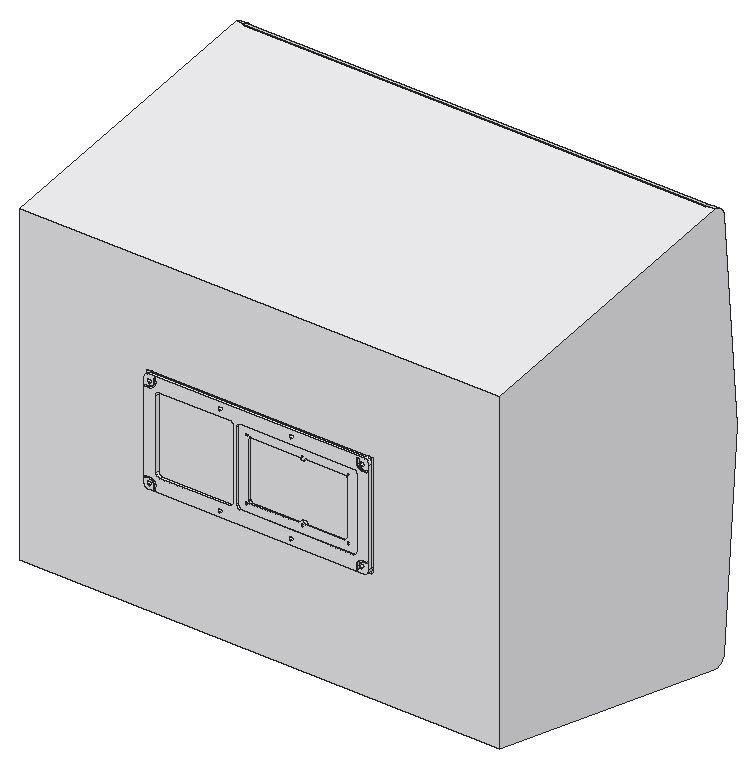
Revit family "EVA-2082S ", category Communication Devices, Revit 2017 (continued)
Definition of nested family "InputPanel"
  Lines and regions (mm)
    model lines
      curve 1131: line (40.819, -2.027, 60.771) -> (40.816, -2.027, 85.996)
      curve 1132: line (40.816, -2.027, 85.996) -> (35.689, -2.027, 85.996)
      curve 1133: line (35.689, -2.027, 85.996) -> (35.692, -2.027, 60.771)
      curve 1134: line (35.692, -2.027, 60.771) -> (40.819, -2.027, 60.771)
      curve 1135: line (40.819, -2.027, 60.771) -> (41.145, -2.027, 60.771)
      curve 1136: line (40.363, -2.027, 66.78) -> (40.363, -2.027, 61.268)
      curve 1137: line (40.363, -2.027, 61.268) -> (36.148, -2.027, 61.267)
      curve 1138: line (36.148, -2.027, 61.267) -> (36.147, -2.027, 66.779)
      curve 1139: line (36.147, -2.027, 66.779) -> (40.363, -2.027, 66.78)
      curve 1140: line (36.147, -2.027, 67.375) -> (36.147, -2.027, 72.887)
      curve 1141: line (36.147, -2.027, 72.887) -> (40.362, -2.027, 72.887)
      curve 1142: line (40.362, -2.027, 72.887) -> (40.363, -2.027, 67.375)
      curve 1143: line (40.363, -2.027, 67.375) -> (36.147, -2.027, 67.375)
      curve 1144: line (40.816, -2.027, 85.996) -> (41.141, -2.027, 85.996)
      curve 1145: line (41.141, -2.027, 85.996) -> (37.88, -2.027, 86.124)
      curve 1146: line (37.88, -2.027, 86.124) -> (37.758, -2.027, 86.301)
      curve 1147: line (37.758, -2.027, 86.301) -> (40.891, -2.027, 86.301)
      curve 1148: line (40.891, -2.027, 86.301) -> (41.013, -2.027, 86.124)
      curve 1149: line (40.361, -2.027, 78.225) -> (38.953, -2.027, 78.225)
      curve 1150: line (38.953, -2.027, 78.225) -> (38.627, -2.027, 78.913)
      curve 1151: line (38.627, -2.027, 78.913) -> (38.242, -2.027, 79.392)
      curve 1152: line (40.363, -2.027, 65.613) -> (38.954, -2.027, 65.612)
      curve 1153: line (38.954, -2.027, 65.612) -> (38.629, -2.027, 66.3)
      curve 1154: line (38.629, -2.027, 66.3) -> (38.244, -2.027, 66.779)
      curve 1155: line (40.362, -2.027, 68.542) -> (38.954, -2.027, 68.542)
      curve 1156: line (38.954, -2.027, 68.542) -> (38.629, -2.027, 67.854)
      curve 1157: line (38.629, -2.027, 67.854) -> (38.244, -2.027, 67.375)
      curve 1158: line (40.361, -2.027, 81.155) -> (38.952, -2.027, 81.155)
      curve 1159: line (38.952, -2.027, 81.155) -> (38.627, -2.027, 80.467)
      curve 1160: line (38.627, -2.027, 80.467) -> (38.242, -2.027, 79.988)
      curve 1161: line (40.362, -2.027, 71.919) -> (38.954, -2.027, 71.919)
      curve 1162: line (38.954, -2.027, 71.919) -> (38.628, -2.027, 72.607)
      curve 1163: line (38.628, -2.027, 72.607) -> (38.403, -2.027, 72.887)
      curve 1164: line (40.361, -2.027, 84.532) -> (38.952, -2.027, 84.531)
      curve 1165: line (38.952, -2.027, 84.531) -> (38.627, -2.027, 85.219)
      curve 1166: line (38.627, -2.027, 85.219) -> (38.401, -2.027, 85.5)
      curve 1167: line (40.362, -2.027, 74.849) -> (38.953, -2.027, 74.848)
      curve 1168: line (38.953, -2.027, 74.848) -> (38.628, -2.027, 74.16)
      curve 1169: line (38.403, -2.027, 73.88) -> (38.628, -2.027, 74.16)
      curve 1170: line (38.628, -2.027, 74.16) -> (38.627, -2.027, 78.913)
      curve 1171: line (40.363, -2.027, 62.236) -> (38.955, -2.027, 62.236)
      curve 1172: line (38.955, -2.027, 62.236) -> (38.629, -2.027, 61.548)
      curve 1173: line (38.629, -2.027, 61.548) -> (38.629, -2.027, 66.3)
      curve 1174: line (38.404, -2.027, 61.267) -> (38.629, -2.027, 61.548)
      curve 1175: line (38.954, -2.027, 68.542) -> (38.954, -2.027, 71.919)
      curve 1176: line (38.952, -2.027, 81.155) -> (38.952, -2.027, 84.531)
      curve 1177: line (38.954, -2.027, 65.612) -> (38.955, -2.027, 62.236)
      curve 1178: line (38.953, -2.027, 78.225) -> (38.953, -2.027, 74.848)
      curve 1179: line (40.891, -2.027, 86.301) -> (40.891, -2.027, 86.563)
      curve 1180: line (40.891, -2.027, 86.563) -> (37.758, -2.027, 86.562)
      curve 1181: line (37.758, -2.027, 86.562) -> (37.758, -2.027, 86.301)
      curve 1182: line (40.891, -2.027, 86.563) -> (41.472, -2.027, 86.563)
      curve 1183: line (41.472, -2.027, 86.563) -> (41.472, -2.027, 86.301)
      curve 1184: line (41.472, -2.027, 86.301) -> (41.35, -2.027, 86.124)
      curve 1185: line (37.244, -2.027, 79.988) -> (37.243, -2.027, 85.499)
      curve 1186: line (37.246, -2.027, 67.375) -> (37.245, -2.027, 72.887)
      curve 1187: line (37.246, -2.027, 61.267) -> (37.246, -2.027, 66.779)
      curve 1188: line (37.245, -2.027, 73.88) -> (37.244, -2.027, 79.392)
      curve 1189: line (38.629, -2.027, 67.854) -> (38.628, -2.027, 72.607)
      curve 1190: line (38.627, -2.027, 80.467) -> (38.627, -2.027, 85.219)
      curve 1191: line (47.887, -2.027, 86.302) -> (48.009, -2.027, 86.125)
      curve 1192: line (47.887, -2.027, 86.563) -> (47.887, -2.027, 86.302)
      curve 1193: line (47.887, -2.027, 86.302) -> (44.754, -2.027, 86.302)
      curve 1194: line (44.754, -2.027, 86.302) -> (44.754, -2.027, 86.563)
      curve 1195: line (44.754, -2.027, 86.563) -> (47.887, -2.027, 86.563)
      curve 1196: line (47.887, -2.027, 86.563) -> (48.468, -2.027, 86.563)
      curve 1197: line (48.468, -2.027, 86.563) -> (48.468, -2.027, 86.302)
      curve 1198: line (48.468, -2.027, 86.302) -> (48.346, -2.027, 86.125)
      curve 1199: line (73.97, -2.027, 60.972) -> (73.967, -2.027, 85.803)
      curve 1200: line (73.912, -2.027, 85.748) -> (73.915, -2.027, 61.027)
      curve 1201: line (72.958, -2.027, 86.812) -> (35.515, -2.027, 86.808)
      curve 1202: line (35.57, -2.027, 86.753) -> (72.903, -2.027, 86.757)
      curve 1203: line (34.506, -2.027, 85.799) -> (34.509, -2.027, 60.968)
      curve 1204: line (34.509, -2.027, 60.97) -> (34.561, -2.027, 85.744)
      curve 1205: line (35.518, -2.027, 59.959) -> (72.962, -2.027, 59.963)
      curve 1206: line (72.907, -2.027, 60.018) -> (35.573, -2.027, 60.014)
      curve 1207: line (56.368, -2.027, 70.233) -> (54.749, -2.027, 70.232)
      curve 1208: line (54.749, -2.027, 70.232) -> (54.415, -2.027, 70.232)
      curve 1209: line (56.369, -2.027, 63.926) -> (54.75, -2.027, 63.926)
      curve 1210: line (54.75, -2.027, 63.926) -> (54.417, -2.027, 63.926)
      curve 1211: line (56.367, -2.027, 76.539) -> (54.748, -2.027, 76.539)
      curve 1212: line (54.748, -2.027, 76.539) -> (54.415, -2.027, 76.539)
      curve 1213: line (56.367, -2.027, 82.845) -> (54.747, -2.027, 82.845)
      curve 1214: line (54.747, -2.027, 82.845) -> (54.414, -2.027, 82.845)
      curve 1215: line (52.109, -2.027, 76.538) -> (53.728, -2.027, 76.539)
      curve 1216: line (53.728, -2.027, 76.539) -> (54.062, -2.027, 76.539)
      curve 1217: line (52.108, -2.027, 82.845) -> (53.727, -2.027, 82.845)
      curve 1218: line (53.727, -2.027, 82.845) -> (54.06, -2.027, 82.845)
      curve 1219: line (52.109, -2.027, 70.232) -> (53.729, -2.027, 70.232)
      curve 1220: line (53.729, -2.027, 70.232) -> (54.062, -2.027, 70.232)
      curve 1221: line (52.11, -2.027, 63.926) -> (53.729, -2.027, 63.926)
      curve 1222: line (53.729, -2.027, 63.926) -> (54.063, -2.027, 63.926)
Definition of nested family "EVA-2082S_Enclosure"
  Parameters (values of type "EVA-2082S_Enclosure")
    LoudspeakerMaterial [instance] = none
  Reference planes
    plane 1 "Center (Front/Back)": y = 0
    plane 2: z = 0
    plane 3 "Center (Left/Right)": x = 0
  Forms (mm)
    Sweep 1, solid, material <- "LoudspeakerMaterial"
      path origin (-0.392, 17.593, -44.991) x (-1, 0, 0) y (0, -1, 0)
        loop
          line (-298.842, 0) -> (298.058, 0)
      profile origin (0, 17.593, -44.991) x (0, -1, 0) y (0, 0, 1)
        loop
          line (184.57, 104.052) -> (184.57, 495.919) -> (-152.258, 557.221)
          arc (-152.258, 557.221) -> (-160.419, 553.626) -> (-164.24, 545.568) r 12.776
          arc (-164.24, 545.568) -> (-184.57, 300.968) -> (-164.223, 56.37) r 1480.994
          arc (-164.223, 56.37) -> (-159.214, 47.517) -> (-149.316, 45.179) r 12.701
          line (-149.316, 45.179) -> (184.57, 104.052)
    Sweep 2, void
      path in 3D
        loop
          line (-290.482, 165.523, 279.574) -> (289.518, 165.523, 279.574)
      profile origin (-0.482, 165.523, 279.574) x (0, 1, 0) y (0, 0, 1)
        loop
          arc (19.059, 220.03) -> (14.717, 230.2) -> (4.328, 233.989) r 13.91
          line (4.328, 233.989) -> (4.328, -281.358)
          arc (4.328, -281.358) -> (12.694, -279.082) -> (18.058, -272.271) r 13.818
          arc (18.058, -272.271) -> (40.167, -26.164) -> (19.059, 220.03) r 1412.811
  Cuts and joins
    Sweep 2 cuts Sweep 1
  Lines and regions (mm)
    model lines, not visible, detail levels fine
      curve 1: circle (0, 137.583, 416.506) r 5 normal (1, 0, 0)
      curve 2: circle (0, 137.583, 416.506) r 4 normal (1, 0, 0)
      curve 3: line (0, 138.506, 420.398) -> (0, 138.506, 412.614)
      curve 4: line (0, 139.353, 420.093) -> (0, 139.353, 412.919)
      curve 5: line (0, 135.46, 419.896) -> (0, 135.46, 413.117)
      curve 6: circle (0, 137.583, 300.506) r 5 normal (1, 0, 0)
      curve 7: circle (0, 137.583, 300.506) r 4 normal (1, 0, 0)
      curve 8: line (0, 138.506, 304.398) -> (0, 138.506, 296.614)
      curve 9: line (0, 139.353, 304.093) -> (0, 139.353, 296.919)
      curve 10: line (0, 135.46, 303.896) -> (0, 135.46, 297.117)
      curve 11: circle (0, 137.583, 184.506) r 5 normal (1, 0, 0)
      curve 12: circle (0, 137.583, 184.506) r 4 normal (1, 0, 0)
      curve 13: line (0, 138.506, 188.398) -> (0, 138.506, 180.614)
      curve 14: line (0, 139.353, 188.093) -> (0, 139.353, 180.919)
      curve 15: line (0, 135.46, 187.896) -> (0, 135.46, 181.117)
      curve 16: circle (0, -77.417, 300.506) r 5 normal (1, 0, 0)
      curve 17: circle (0, -77.417, 300.506) r 4 normal (1, 0, 0)
      curve 18: line (0, -76.494, 304.398) -> (0, -76.494, 296.614)
      curve 19: line (0, -75.647, 304.093) -> (0, -75.647, 296.919)
      curve 20: line (0, -79.54, 303.896) -> (0, -79.54, 297.117)
      curve 21: circle (0, -77.417, 142.305) r 5 normal (1, 0, 0)
      curve 22: circle (0, -77.417, 142.305) r 4 normal (1, 0, 0)
      curve 23: line (0, -76.494, 146.197) -> (0, -76.494, 138.413)
      curve 24: line (0, -75.647, 145.892) -> (0, -75.647, 138.718)
      curve 25: line (0, -79.54, 145.695) -> (0, -79.54, 138.915)
      curve 26: circle (0, -77.417, 458.708) r 5 normal (-1, 0, 0)
      curve 27: circle (0, -77.417, 458.708) r 4 normal (-1, 0, 0)
      curve 28: line (0, -76.494, 454.816) -> (0, -76.494, 462.6)
      curve 29: line (0, -75.647, 455.121) -> (0, -75.647, 462.295)
      curve 30: line (0, -79.54, 455.318) -> (0, -79.54, 462.098)
      curve 31: line (0, 184.583, 489.506) -> (0, -150.486, 548.588)
      curve 32: arc (0, -157.851, 56.619) -> (0, -178.233, 299.981) -> (0, -157.859, 543.345) r 1463.404
      curve 33: line (0, 184.583, 110.503) -> (0, -150.486, 51.421)
      curve 34: arc (0, -150.486, 548.588) -> (0, -155.259, 547.494) -> (0, -157.859, 543.345) r 6.396
      curve 35: arc (0, -150.486, 51.421) -> (0, -155.251, 52.486) -> (0, -157.851, 56.619) r 6.35
    model lines, detail levels fine
      curve 36: line (-298.445, -166.99, 444.515) -> (-298.445, 168.08, 503.597)
      curve 37: arc (-298.445, 175.444, 11.627) -> (-298.445, 195.826, 254.99) -> (-298.445, 175.452, 498.353) r 1463.404
      curve 38: line (-298.445, -166.99, 65.511) -> (-298.445, 168.08, 6.429)
      curve 39: arc (-298.445, 168.08, 503.597) -> (-298.445, 172.852, 502.502) -> (-298.445, 175.452, 498.353) r 6.396
      curve 40: arc (-298.445, 168.08, 6.429) -> (-298.445, 172.844, 7.495) -> (-298.445, 175.444, 11.627) r 6.35
      curve 42: circle (-298.445, -119.99, 371.515) r 5 normal (-1, 0, 0)
      curve 43: circle (-298.445, -119.99, 371.515) r 4 normal (-1, 0, 0)
      curve 44: line (-298.445, -120.913, 375.407) -> (-298.445, -120.913, 367.623)
      curve 45: line (-298.445, -121.76, 375.102) -> (-298.445, -121.76, 367.928)
      curve 46: line (-298.445, -117.866, 374.905) -> (-298.445, -117.866, 368.125)
      curve 47: circle (-298.445, -119.99, 255.515) r 5 normal (-1, 0, 0)
      curve 48: circle (-298.445, -119.99, 255.515) r 4 normal (-1, 0, 0)
      curve 49: line (-298.445, -120.913, 259.407) -> (-298.445, -120.913, 251.623)
      curve 50: line (-298.445, -121.76, 259.102) -> (-298.445, -121.76, 251.928)
      curve 51: line (-298.445, -117.866, 258.905) -> (-298.445, -117.866, 252.125)
      curve 52: circle (-298.445, -119.99, 139.515) r 5 normal (-1, 0, 0)
      curve 53: circle (-298.445, -119.99, 139.515) r 4 normal (-1, 0, 0)
      curve 54: line (-298.445, -120.913, 143.407) -> (-298.445, -120.913, 135.623)
      curve 55: line (-298.445, -121.76, 143.102) -> (-298.445, -121.76, 135.928)
      curve 56: line (-298.445, -117.866, 142.905) -> (-298.445, -117.866, 136.125)
      curve 57: circle (-298.445, 95.01, 255.515) r 5 normal (-1, 0, 0)
      curve 58: circle (-298.445, 95.01, 255.515) r 4 normal (-1, 0, 0)
      curve 59: line (-298.445, 94.087, 259.407) -> (-298.445, 94.087, 251.623)
      curve 60: line (-298.445, 93.24, 259.102) -> (-298.445, 93.24, 251.928)
      curve 61: line (-298.445, 97.134, 258.905) -> (-298.445, 97.134, 252.125)
      curve 62: circle (-298.445, 95.01, 97.313) r 5 normal (-1, 0, 0)
      curve 63: circle (-298.445, 95.01, 97.313) r 4 normal (-1, 0, 0)
      curve 64: line (-298.445, 94.087, 101.206) -> (-298.445, 94.087, 93.421)
      curve 65: line (-298.445, 93.24, 100.9) -> (-298.445, 93.24, 93.727)
      curve 66: line (-298.445, 97.134, 100.703) -> (-298.445, 97.134, 93.924)
      curve 67: circle (-298.445, 95.01, 413.717) r 5 normal (1, 0, 0)
      curve 68: circle (-298.445, 95.01, 413.717) r 4 normal (1, 0, 0)
      curve 69: line (-298.445, 94.087, 409.824) -> (-298.445, 94.087, 417.609)
      curve 70: line (-298.445, 93.24, 410.13) -> (-298.445, 93.24, 417.303)
      curve 71: line (-298.445, 97.134, 410.327) -> (-298.445, 97.134, 417.106)
      curve 72: line (298.445, -166.99, 444.515) -> (298.445, 168.08, 503.597)
      curve 73: arc (298.445, 175.444, 11.627) -> (298.445, 195.826, 254.99) -> (298.445, 175.452, 498.353) r 1463.404
      curve 74: line (298.445, -166.99, 65.511) -> (298.445, 168.08, 6.429)
      curve 75: arc (298.445, 168.08, 503.597) -> (298.445, 172.852, 502.502) -> (298.445, 175.452, 498.353) r 6.396
      curve 76: arc (298.445, 168.08, 6.429) -> (298.445, 172.844, 7.495) -> (298.445, 175.444, 11.627) r 6.35
      curve 77: circle (298.445, -119.99, 371.515) r 5 normal (-1, 0, 0)
      curve 78: circle (298.445, -119.99, 371.515) r 4 normal (-1, 0, 0)
      curve 79: line (298.445, -120.913, 375.407) -> (298.445, -120.913, 367.623)
      curve 80: line (298.445, -121.76, 375.102) -> (298.445, -121.76, 367.928)
      curve 81: line (298.445, -117.866, 374.905) -> (298.445, -117.866, 368.125)
      curve 82: circle (298.445, -119.99, 255.515) r 5 normal (-1, 0, 0)
      curve 83: circle (298.445, -119.99, 255.515) r 4 normal (-1, 0, 0)
      curve 84: line (298.445, -120.913, 259.407) -> (298.445, -120.913, 251.623)
      curve 85: line (298.445, -121.76, 259.102) -> (298.445, -121.76, 251.928)
      curve 86: line (298.445, -117.866, 258.905) -> (298.445, -117.866, 252.125)
      curve 87: circle (298.445, -119.99, 139.515) r 5 normal (-1, 0, 0)
      curve 88: circle (298.445, -119.99, 139.515) r 4 normal (-1, 0, 0)
      curve 89: line (298.445, -120.913, 143.407) -> (298.445, -120.913, 135.623)
      curve 90: line (298.445, -121.76, 143.102) -> (298.445, -121.76, 135.928)
      curve 91: line (298.445, -117.866, 142.905) -> (298.445, -117.866, 136.125)
      curve 92: circle (298.445, 95.01, 255.515) r 5 normal (-1, 0, 0)
      curve 93: circle (298.445, 95.01, 255.515) r 4 normal (-1, 0, 0)
      curve 94: line (298.445, 94.087, 259.407) -> (298.445, 94.087, 251.623)
      curve 95: line (298.445, 93.24, 259.102) -> (298.445, 93.24, 251.928)
      curve 96: line (298.445, 97.134, 258.905) -> (298.445, 97.134, 252.125)
      curve 97: circle (298.445, 95.01, 97.313) r 5 normal (-1, 0, 0)
      curve 98: circle (298.445, 95.01, 97.313) r 4 normal (-1, 0, 0)
      curve 99: line (298.445, 94.087, 101.206) -> (298.445, 94.087, 93.421)
      curve 100: line (298.445, 93.24, 100.9) -> (298.445, 93.24, 93.727)
      curve 101: line (298.445, 97.134, 100.703) -> (298.445, 97.134, 93.924)
      curve 102: circle (298.445, 95.01, 413.717) r 5 normal (1, 0, 0)
      curve 103: circle (298.445, 95.01, 413.717) r 4 normal (1, 0, 0)
      curve 104: line (298.445, 94.087, 409.824) -> (298.445, 94.087, 417.609)
      curve 105: line (298.445, 93.24, 410.13) -> (298.445, 93.24, 417.303)
      curve 106: line (298.445, 97.134, 410.327) -> (298.445, 97.134, 417.106)
    sketch lines
      curve 41: line (-290.482, 165.523, 279.574) -> (289.518, 165.523, 279.574)
    model lines
      curve 107: line (289.518, 202.162, 256.029) -> (298.445, 202.162, 256.029)
      curve 108: line (-298.45, 202.162, 255.853) -> (-289.523, 202.162, 255.853)
  Dimensions and locks
    aligned and locked: plane 2 to level
Definition of nested family "L-EV"
  Parameters (values of type "L-EV")
    Material = ""
    Default Elevation = 1219.20 mm
  Reference planes
    plane 1 "Center (Front/Back)": y = 0
    plane 2: z = 0
    plane 3 "Center (Left/Right)": x = 0
  Forms (mm)
    Extrusion 1, solid, not visible
      sketch origin (18.736, -0.5, -73.012) x (1, 0, 0) y (0, 0, 1)
        loop
          arc (-38.866, 94.012) -> (-39.481, 93.758) -> (-39.736, 93.143) r 0.869
          line (-39.736, 93.143) -> (-39.736, 52.882)
          arc (-39.736, 52.882) -> (-39.481, 52.267) -> (-38.866, 52.012) r 0.869
          line (-38.866, 52.012) -> (1.395, 52.012)
          arc (1.395, 52.012) -> (2.01, 52.267) -> (2.264, 52.882) r 0.869
          line (2.264, 52.882) -> (2.264, 93.143)
          arc (2.264, 93.143) -> (2.01, 93.758) -> (1.395, 94.012) r 0.869
          line (1.395, 94.012) -> (-38.866, 94.012)
      from 0 to -0.5
    Extrusion 2, solid, detail levels fine
      sketch origin (18.736, 4, -73.24) x (1, 0, 0) y (0, 0, 1)
        loop
          line (-37.736, 92.24) -> (-37.736, 54.24) -> (0.264, 54.24) -> (0.264, 92.24) -> (-37.736, 92.24)
        loop
          line (-33.659, 85.319) -> (-33.659, 66.596) -> (-21.783, 66.596) -> (-21.783, 70.665) -> (-29.2, 70.665) -> (-29.2, 73.924) -> (-21.783, 73.924) -> (-21.783, 77.992) -> (-29.2, 77.992) -> (-29.2, 81.251) -> (-21.783, 81.251) -> (-21.783, 85.319) -> (-33.659, 85.319)
        loop
          line (-20.026, 77.992) -> (-20.026, 73.924) -> (-17.153, 73.924) -> (-17.153, 59.688) -> (-12.74, 59.688) -> (-2.619, 82.277) -> (-7.421, 82.277) -> (-12.694, 70.408) -> (-12.694, 77.992) -> (-20.026, 77.992)
      from 4.5 to 5
    Extrusion 3, solid, detail levels medium+fine
      sketch origin (0, 0, 0) x (1, 0, 0) y (0, 0, 1)
        loop
          line (19.816, 21) -> (-19.816, 21)
          arc (-19.816, 21) -> (-20.653, 20.653) -> (-21, 19.816) r 1.184
          line (-21, 19.816) -> (-21, -19.816)
          arc (-21, -19.816) -> (-20.653, -20.653) -> (-19.816, -21) r 1.184
          line (-19.816, -21) -> (19.816, -21)
          arc (19.816, -21) -> (20.653, -20.653) -> (21, -19.816) r 1.184
          line (21, -19.816) -> (21, 19.816)
          arc (21, 19.816) -> (20.653, 20.653) -> (19.816, 21) r 1.184
      from -1 to 0.5
Types (25, lengths in mm): name | ProductInformation | PlanningTools | ModelNumber | MaterialRALColour | LoudspeakerMaterial | GrillMaterial | CTN | InstallationManual | Description | ArchitectsAndEngineersSpecs
  (no name) | "https://www.electrovoice.com/binary/EVA-2082S-920_Engineering_Data_Sheet.PDF" | "https://www.electrovoice.com/product.php?id=948#downloads" | "F.01U.272.492" | "RAL9010" | 13-plyWeather-resistantBirchEVCoat -RAL9010 | 16GA Powder-coatedGalvanneal - W | "EVA2082S920BLB" | "https://www.electrovoice.com/binary/EVA-2082S-920_Engineering_Data_Sheet.PDF" | "True Line Array Performance. 90° Horizontal Coverage Pattern. 20° Vertical Coverage Pattern. 104 dB Sensitivity.Hidden Suspension Hardware. Single Amplifier Channel Drive Configuration for Entire Array." | "https://www.electrovoice.com/binary/EVA-2082S-920_Engineering_Data_Sheet.PDF"
  EVA2082S1220BLB_120x20_Black_Line_Array_Module | "http://www.electrovoice.com/binary/EVA-2082S-1220_Engineering_Data_Sheet.PDF" | "https://www.electrovoice.com/product.php?id=946#downloads" | "F.01U.272.404" | "RAL9004" | 13-plyWeather-resistantBirchEVCoat -RAL9004 | 16GA Powder-coatedGalvanneal - B | "EVA2082S1220BLB" | "http://www.electrovoice.com/binary/EVA-2082S-1220_Engineering_Data_Sheet.PDF" | "True Line Array Performance. 120° Horizontal Coverage Pattern. 20° Vertical Coverage Pattern. 104 dB Sensitivity. Hidden Suspension Hardware. Single Amplifier Channel Drive Configuration for Entire Array." | "http://www.electrovoice.com/binary/EVA-2082S-1220_Engineering_Data_Sheet.PDF"
  EVA2082S1220FBL_120x20_Black_Fiberglass_Module | "http://www.electrovoice.com/binary/EVA-2082S-1220_Engineering_Data_Sheet.PDF" | "https://www.electrovoice.com/product.php?id=946#downloads" | "F.01U.272.907" | "RAL9004" | 13-plyWeather-resistantBirchEVCoat -RAL9004 | 16GA Powder-coatedGalvanneal - B | "EVA2082S1220FBL" | "http://www.electrovoice.com/binary/EVA-2082S-1220_Engineering_Data_Sheet.PDF" | "True Line Array Performance. 120° Horizontal Coverage Pattern. 20° Vertical Coverage Pattern. 104 dB Sensitivity. Hidden Suspension Hardware. Single Amplifier Channel Drive Configuration for Entire Array." | "http://www.electrovoice.com/binary/EVA-2082S-1220_Engineering_Data_Sheet.PDF"
  EVA2082S1220FWL_120x20_White_Fiberglass_Module | "http://www.electrovoice.com/binary/EVA-2082S-1220_Engineering_Data_Sheet.PDF" | "https://www.electrovoice.com/product.php?id=946#downloads" | "F.01U.272.908" | "RAL9010" | 13-plyWeather-resistantBirchEVCoat -RAL9010 | 16GA Powder-coatedGalvanneal - W | "EVA2082S1220FWL" | "http://www.electrovoice.com/binary/EVA-2082S-1220_Engineering_Data_Sheet.PDF" | "True Line Array Performance. 120° Horizontal Coverage Pattern. 20° Vertical Coverage Pattern. 104 dB Sensitivity. Hidden Suspension Hardware. Single Amplifier Channel Drive Configuration for Entire Array." | "http://www.electrovoice.com/binary/EVA-2082S-1220_Engineering_Data_Sheet.PDF"
  EVA2082S1220PBL_120x20_Black_Weatherizad_Module | "http://www.electrovoice.com/binary/EVA-2082S-1220_Engineering_Data_Sheet.PDF" | "https://www.electrovoice.com/product.php?id=946#downloads" | "F.01U.272.406" | "RAL9004" | 13-plyWeather-resistantBirchEVCoat -RAL9004 | 16GA Powder-coatedGalvanneal - B | "EVA2082S1220PBL" | "http://www.electrovoice.com/binary/EVA-2082S-1220_Engineering_Data_Sheet.PDF" | "True Line Array Performance. 120° Horizontal Coverage Pattern. 20° Vertical Coverage Pattern. 104 dB Sensitivity. Hidden Suspension Hardware. Single Amplifier Channel Drive Configuration for Entire Array." | "http://www.electrovoice.com/binary/EVA-2082S-1220_Engineering_Data_Sheet.PDF"
  EVA2082S1220PWL_120x20_White_Weatherizad_Module | "http://www.electrovoice.com/binary/EVA-2082S-1220_Engineering_Data_Sheet.PDF" | "https://www.electrovoice.com/product.php?id=946#downloads" | "F.01U.272.407" | "RAL9010" | 13-plyWeather-resistantBirchEVCoat -RAL9010 | 16GA Powder-coatedGalvanneal - W | "EVA2082S1220PWL" | "http://www.electrovoice.com/binary/EVA-2082S-1220_Engineering_Data_Sheet.PDF" | "True Line Array Performance. 120° Horizontal Coverage Pattern. 20° Vertical Coverage Pattern. 104 dB Sensitivity. Hidden Suspension Hardware. Single Amplifier Channel Drive Configuration for Entire Array." | "http://www.electrovoice.com/binary/EVA-2082S-1220_Engineering_Data_Sheet.PDF"
  EVA2082S1220WLB_120x20_White_Line_Array_Module | "http://www.electrovoice.com/binary/EVA-2082S-1220_Engineering_Data_Sheet.PDF" | "https://www.electrovoice.com/product.php?id=946#downloads" | "F.01U.272.405" | "RAL9010" | 13-plyWeather-resistantBirchEVCoat -RAL9010 | 16GA Powder-coatedGalvanneal - W | "EVA2082S1220WLB" | "http://www.electrovoice.com/binary/EVA-2082S-1220_Engineering_Data_Sheet.PDF" | "True Line Array Performance. 120° Horizontal Coverage Pattern. 20° Vertical Coverage Pattern. 104 dB Sensitivity. Hidden Suspension Hardware. Single Amplifier Channel Drive Configuration for Entire Array." | "http://www.electrovoice.com/binary/EVA-2082S-1220_Engineering_Data_Sheet.PDF"
  EVA2082S126BLB_120x6_Black_Line_Array_Module | "http://www.electrovoice.com/binary/EVA-2082S-1220_Engineering_Data_Sheet.PDF" | "https://www.electrovoice.com/product.php?id=946#downloads" | "F.01U.272.493" | "RAL9004" | 13-plyWeather-resistantBirchEVCoat -RAL9004 | 16GA Powder-coatedGalvanneal - B | "EVA2082S126BLB" | "http://www.electrovoice.com/binary/EVA-2082S-1220_Engineering_Data_Sheet.PDF" | "True Line Array Performance. 120° Horizontal Coverage Pattern. 20° Vertical Coverage Pattern. 104 dB Sensitivity. Hidden Suspension Hardware. Single Amplifier Channel Drive Configuration for Entire Array." | "http://www.electrovoice.com/binary/EVA-2082S-1220_Engineering_Data_Sheet.PDF"
  EVA2082S126FBL_120x6_Black_Fiberglass_Module | "http://www.electrovoice.com/binary/EVA-2082S-1220_Engineering_Data_Sheet.PDF" | "https://www.electrovoice.com/product.php?id=946#downloads" | "F.01U.272.905" | "RAL9004" | 13-plyWeather-resistantBirchEVCoat -RAL9004 | 16GA Powder-coatedGalvanneal - B | "EVA2082S126FBL" | "http://www.electrovoice.com/binary/EVA-2082S-1220_Engineering_Data_Sheet.PDF" | "True Line Array Performance. 120° Horizontal Coverage Pattern. 6° Vertical Coverage Pattern. 104 dB Sensitivity.  Hidden Suspension Hardware. Single Amplifier Channel Drive Configuration for Entire Array." | "http://www.electrovoice.com/binary/EVA-2082S-1220_Engineering_Data_Sheet.PDF"
  EVA2082S126FWL_120x6_White_Fiberglass_Module | "https://www.electrovoice.com/binary/EVA-2082S-126_Engineering_Data_Sheet.PDF" | "https://www.electrovoice.com/product.php?id=945#downloads" | "F.01U.272.906" | "RAL9010" | 13-plyWeather-resistantBirchEVCoat -RAL9010 | 16GA Powder-coatedGalvanneal - W | "EVA2082S126FWL" | "https://www.electrovoice.com/binary/EVA-2082S-126_Engineering_Data_Sheet.PDF" | "True Line Array Performance. 120° Horizontal Coverage Pattern. 6° Vertical Coverage Pattern. 104 dB Sensitivity.  Hidden Suspension Hardware. Single Amplifier Channel Drive Configuration for Entire Array." | "https://www.electrovoice.com/binary/EVA-2082S-126_Engineering_Data_Sheet.PDF"
  EVA2082S126PBLB_120x6_Black_Weatherizad_Module | "https://www.electrovoice.com/binary/EVA-2082S-126_Engineering_Data_Sheet.PDF" | "https://www.electrovoice.com/product.php?id=945#downloads" | "F.01U.272.402" | "RAL9004" | 13-plyWeather-resistantBirchEVCoat -RAL9004 | 16GA Powder-coatedGalvanneal - B | "EVA2082S126PBLB" | "https://www.electrovoice.com/binary/EVA-2082S-126_Engineering_Data_Sheet.PDF" | "True Line Array Performance. 120° Horizontal Coverage Pattern. 6° Vertical Coverage Pattern. 104 dB Sensitivity.  Hidden Suspension Hardware. Single Amplifier Channel Drive Configuration for Entire Array." | "https://www.electrovoice.com/binary/EVA-2082S-126_Engineering_Data_Sheet.PDF"
  EVA2082S126PWLB_120x6_White_Weatherizad_Module | "https://www.electrovoice.com/binary/EVA-2082S-126_Engineering_Data_Sheet.PDF" | "https://www.electrovoice.com/product.php?id=945#downloads" | "F.01U.272.403" | "RAL9010" | 13-plyWeather-resistantBirchEVCoat -RAL9010 | 16GA Powder-coatedGalvanneal - W | "EVA2082S126PWLB" | "https://www.electrovoice.com/binary/EVA-2082S-126_Engineering_Data_Sheet.PDF" | "True Line Array Performance. 120° Horizontal Coverage Pattern. 6° Vertical Coverage Pattern. 104 dB Sensitivity.  Hidden Suspension Hardware. Single Amplifier Channel Drive Configuration for Entire Array." | "https://www.electrovoice.com/binary/EVA-2082S-126_Engineering_Data_Sheet.PDF"
  EVA2082S126WLB_120x6_White_Line_Array_Module | "https://www.electrovoice.com/binary/EVA-2082S-126_Engineering_Data_Sheet.PDF" | "https://www.electrovoice.com/product.php?id=945#downloads" | "F.01U.272.401" | "RAL9010" | 13-plyWeather-resistantBirchEVCoat -RAL9010 | 16GA Powder-coatedGalvanneal - W | "EVA2082S126WLB" | "https://www.electrovoice.com/binary/EVA-2082S-126_Engineering_Data_Sheet.PDF" | "True Line Array Performance. 120° Horizontal Coverage Pattern. 6° Vertical Coverage Pattern. 104 dB Sensitivity.  Hidden Suspension Hardware. Single Amplifier Channel Drive Configuration for Entire Array." | "https://www.electrovoice.com/binary/EVA-2082S-126_Engineering_Data_Sheet.PDF"
  EVA2082S906BLB_90x6_Black_Line_Array_Module | "https://www.electrovoice.com/binary/EVA-2082S-906_Engineering_Data_Sheet.PDF" | "https://www.electrovoice.com/product.php?id=947#downloads" | "F.01U.272.485" | "RAL9004" | 13-plyWeather-resistantBirchEVCoat -RAL9004 | 16GA Powder-coatedGalvanneal - B | "EVA2082S906BLB" | "https://www.electrovoice.com/binary/EVA-2082S-906_Engineering_Data_Sheet.PDF" | "True Line Array Performance. 90° Horizontal Coverage Pattern. 6° Vertical Coverage Pattern. 104 dB Sensitivity. Hidden Suspension Hardware. Single Amplifier Channel Drive Configuration for Entire Array." | "https://www.electrovoice.com/binary/EVA-2082S-906_Engineering_Data_Sheet.PDF"
  EVA2082S906BLB_90x6_Black_Fiberglass_Module | "https://www.electrovoice.com/binary/EVA-2082S-906_Engineering_Data_Sheet.PDF" | "https://www.electrovoice.com/product.php?id=947#downloads" | "F.01U.272.901" | "RAL9004" | 13-plyWeather-resistantBirchEVCoat -RAL9004 | 16GA Powder-coatedGalvanneal - B | "EVA2082S906BLB" | "https://www.electrovoice.com/binary/EVA-2082S-906_Engineering_Data_Sheet.PDF" | "True Line Array Performance. 90° Horizontal Coverage Pattern. 6° Vertical Coverage Pattern. 104 dB Sensitivity. Hidden Suspension Hardware. Single Amplifier Channel Drive Configuration for Entire Array." | "https://www.electrovoice.com/binary/EVA-2082S-906_Engineering_Data_Sheet.PDF"
  EVA2082S906BLB_90x6_White_Fiberglass_Module | "https://www.electrovoice.com/binary/EVA-2082S-906_Engineering_Data_Sheet.PDF" | "https://www.electrovoice.com/product.php?id=947#downloads" | "F.01U.272.902" | "RAL9010" | 13-plyWeather-resistantBirchEVCoat -RAL9010 | 16GA Powder-coatedGalvanneal - W | "EVA2082S906BLB" | "https://www.electrovoice.com/binary/EVA-2082S-906_Engineering_Data_Sheet.PDF" | "True Line Array Performance. 90° Horizontal Coverage Pattern. 6° Vertical Coverage Pattern. 104 dB Sensitivity. Hidden Suspension Hardware. Single Amplifier Channel Drive Configuration for Entire Array." | "https://www.electrovoice.com/binary/EVA-2082S-906_Engineering_Data_Sheet.PDF"
  EVA2082S906BLB_90x6_Black_Weatherizad_Module | "https://www.electrovoice.com/binary/EVA-2082S-906_Engineering_Data_Sheet.PDF" | "https://www.electrovoice.com/product.php?id=947#downloads" | "F.01U.272.487" | "RAL9004" | 13-plyWeather-resistantBirchEVCoat -RAL9004 | 16GA Powder-coatedGalvanneal - B | "EVA2082S906BLB" | "https://www.electrovoice.com/binary/EVA-2082S-906_Engineering_Data_Sheet.PDF" | "True Line Array Performance. 90° Horizontal Coverage Pattern. 6° Vertical Coverage Pattern. 104 dB Sensitivity. Hidden Suspension Hardware. Single Amplifier Channel Drive Configuration for Entire Array." | "https://www.electrovoice.com/binary/EVA-2082S-906_Engineering_Data_Sheet.PDF"
  EVA2082S906BLB_90x6_White_Weatherizad_Module | "https://www.electrovoice.com/binary/EVA-2082S-906_Engineering_Data_Sheet.PDF" | "https://www.electrovoice.com/product.php?id=947#downloads" | "F.01U.272.488" | "RAL9010" | 13-plyWeather-resistantBirchEVCoat -RAL9010 | 16GA Powder-coatedGalvanneal - W | "EVA2082S906BLB" | "https://www.electrovoice.com/binary/EVA-2082S-906_Engineering_Data_Sheet.PDF" | "True Line Array Performance. 90° Horizontal Coverage Pattern. 6° Vertical Coverage Pattern. 104 dB Sensitivity. Hidden Suspension Hardware. Single Amplifier Channel Drive Configuration for Entire Array." | "https://www.electrovoice.com/binary/EVA-2082S-906_Engineering_Data_Sheet.PDF"
  EVA2082S906BLB_90x6_White_Line_Array_Module | "https://www.electrovoice.com/binary/EVA-2082S-906_Engineering_Data_Sheet.PDF" | "https://www.electrovoice.com/product.php?id=947#downloads" | "F.01U.272.486" | "RAL9010" | 13-plyWeather-resistantBirchEVCoat -RAL9010 | 16GA Powder-coatedGalvanneal - W | "EVA2082S906BLB" | "https://www.electrovoice.com/binary/EVA-2082S-906_Engineering_Data_Sheet.PDF" | "True Line Array Performance. 90° Horizontal Coverage Pattern. 6° Vertical Coverage Pattern. 104 dB Sensitivity. Hidden Suspension Hardware. Single Amplifier Channel Drive Configuration for Entire Array." | "https://www.electrovoice.com/binary/EVA-2082S-906_Engineering_Data_Sheet.PDF"
  EVA2082S920BLB_90x20_Black_Line_Array_Module | "https://www.electrovoice.com/binary/EVA-2082S-920_Engineering_Data_Sheet.PDF" | "https://www.electrovoice.com/product.php?id=948#downloads" | "F.01U.272.489" | "RAL9004" | 13-plyWeather-resistantBirchEVCoat -RAL9004 | 16GA Powder-coatedGalvanneal - B | "EVA2082S920BLB" | "https://www.electrovoice.com/binary/EVA-2082S-920_Engineering_Data_Sheet.PDF" | "True Line Array Performance. 90° Horizontal Coverage Pattern. 20° Vertical Coverage Pattern. 104 dB Sensitivity.Hidden Suspension Hardware. Single Amplifier Channel Drive Configuration for Entire Array." | "https://www.electrovoice.com/binary/EVA-2082S-920_Engineering_Data_Sheet.PDF"
  EVA2082S920BLB_90x20_Black_Fiberglass_Module | "https://www.electrovoice.com/binary/EVA-2082S-920_Engineering_Data_Sheet.PDF" | "https://www.electrovoice.com/product.php?id=948#downloads" | "F.01U.272.903" | "RAL9004" | 13-plyWeather-resistantBirchEVCoat -RAL9004 | 16GA Powder-coatedGalvanneal - B | "EVA2082S920BLB" | "https://www.electrovoice.com/binary/EVA-2082S-920_Engineering_Data_Sheet.PDF" | "True Line Array Performance. 90° Horizontal Coverage Pattern. 20° Vertical Coverage Pattern. 104 dB Sensitivity.Hidden Suspension Hardware. Single Amplifier Channel Drive Configuration for Entire Array." | "https://www.electrovoice.com/binary/EVA-2082S-920_Engineering_Data_Sheet.PDF"
  EVA2082S920BLB_90x20_White_Fiberglass_Module | "https://www.electrovoice.com/binary/EVA-2082S-920_Engineering_Data_Sheet.PDF" | "https://www.electrovoice.com/product.php?id=948#downloads" | "F.01U.272.904" | "RAL9010" | 13-plyWeather-resistantBirchEVCoat -RAL9010 | 16GA Powder-coatedGalvanneal - W | "EVA2082S920BLB" | "https://www.electrovoice.com/binary/EVA-2082S-920_Engineering_Data_Sheet.PDF" | "True Line Array Performance. 90° Horizontal Coverage Pattern. 20° Vertical Coverage Pattern. 104 dB Sensitivity.Hidden Suspension Hardware. Single Amplifier Channel Drive Configuration for Entire Array." | "https://www.electrovoice.com/binary/EVA-2082S-920_Engineering_Data_Sheet.PDF"
  EVA2082S920BLB_90x20_Black_Weatherizad_Module | "https://www.electrovoice.com/binary/EVA-2082S-920_Engineering_Data_Sheet.PDF" | "https://www.electrovoice.com/product.php?id=948#downloads" | "F.01U.272.491" | "RAL9004" | 13-plyWeather-resistantBirchEVCoat -RAL9004 | 16GA Powder-coatedGalvanneal - B | "EVA2082S920BLB" | "https://www.electrovoice.com/binary/EVA-2082S-920_Engineering_Data_Sheet.PDF" | "True Line Array Performance. 90° Horizontal Coverage Pattern. 20° Vertical Coverage Pattern. 104 dB Sensitivity.Hidden Suspension Hardware. Single Amplifier Channel Drive Configuration for Entire Array." | "https://www.electrovoice.com/binary/EVA-2082S-920_Engineering_Data_Sheet.PDF"
  EVA2082S920BLB_90x20_White_Weatherizad_Module | "https://www.electrovoice.com/binary/EVA-2082S-920_Engineering_Data_Sheet.PDF" | "https://www.electrovoice.com/product.php?id=948#downloads" | "F.01U.272.492" | "RAL9010" | 13-plyWeather-resistantBirchEVCoat -RAL9010 | 16GA Powder-coatedGalvanneal - W | "EVA2082S920BLB" | "https://www.electrovoice.com/binary/EVA-2082S-920_Engineering_Data_Sheet.PDF" | "True Line Array Performance. 90° Horizontal Coverage Pattern. 20° Vertical Coverage Pattern. 104 dB Sensitivity.Hidden Suspension Hardware. Single Amplifier Channel Drive Configuration for Entire Array." | "https://www.electrovoice.com/binary/EVA-2082S-920_Engineering_Data_Sheet.PDF"
  EVA2082S920BLB_90x20_White_Line_Array_Module | "https://www.electrovoice.com/binary/EVA-2082S-920_Engineering_Data_Sheet.PDF" | "https://www.electrovoice.com/product.php?id=948#downloads" | "F.01U.272.490" | "RAL9010" | 13-plyWeather-resistantBirchEVCoat -RAL9010 | 16GA Powder-coatedGalvanneal - W | "EVA2082S920BLB" | "https://www.electrovoice.com/binary/EVA-2082S-920_Engineering_Data_Sheet.PDF" | "True Line Array Performance. 90° Horizontal Coverage Pattern. 20° Vertical Coverage Pattern. 104 dB Sensitivity.Hidden Suspension Hardware. Single Amplifier Channel Drive Configuration for Entire Array." | "https://www.electrovoice.com/binary/EVA-2082S-920_Engineering_Data_Sheet.PDF"
